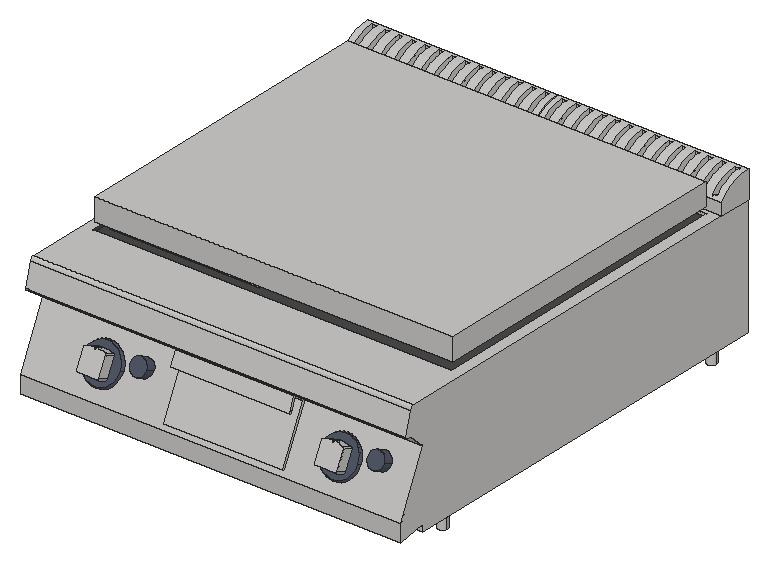
Revit family "QF_ZANUSSI_392023_Z9HOGH1000", category Specialty Equipment, Revit 2018 (continued)
Automatic sketch dimensions
  Extrusion 47 sketch curve to Extrusion 47 sketch curve = 1 mm  (x2)
  Extrusion 47 sketch curve to Extrusion 47 sketch curve = 15 mm
  plane 3 "LEFT" to Extrusion 48 sketch curve = 167.5 mm
  Extrusion 48 sketch curve to Extrusion 48 sketch curve = 35 mm  (x2)
  plane 3 "LEFT" to Blend 49 sketch curve = 150 mm  (x2)
  plane 3 "LEFT" to Extrusion 50 sketch curve = 173 mm
  Extrusion 50 sketch curve to Extrusion 50 sketch curve = 2.997 mm  (x3)
  Extrusion 50 sketch curve to Extrusion 50 sketch curve = 20.003 mm  (x2)
  Extrusion 50 sketch curve to Extrusion 50 sketch curve = 40.005 mm
  Extrusion 50 sketch curve to Extrusion 50 sketch curve = 0 mm  (x2)
  Extrusion 50 sketch curve to Extrusion 50 sketch curve = 40.037 mm
  Extrusion 50 sketch curve to Extrusion 50 sketch curve = 5.399 mm
  Extrusion 51 sketch curve to plane 7 "Center Y" = 166.05 mm
  Extrusion 52 sketch curve to plane 7 "Center Y" = 166.05 mm
  curve 130 to plane 3 "LEFT" = 0 mm
  curve 169 to plane 3 "LEFT" = 0 mm
  plane 3 "LEFT" to curve 162 = 127.809 mm
  curve 162 to curve 165 = 0.774 mm
  curve 162 to curve 163 = 1.846 mm
  curve 165 to curve 164 = 10.309 mm
  curve 162 to curve 166 = 21.322 mm
  curve 166 to curve 157 = 1.738 mm
  curve 164 to curve 155 = 22.215 mm
  plane 5 "FRONT" to curve 154 = 6.251 mm
  curve 154 to curve 156 = 1.071 mm
  curve 64 to curve 141 = 77.809 mm
  curve 141 to curve 144 = 0.774 mm
  curve 141 to curve 142 = 1.846 mm
  curve 144 to curve 143 = 10.309 mm
  curve 141 to curve 145 = 21.322 mm
  curve 145 to curve 136 = 1.738 mm
  curve 143 to curve 134 = 22.215 mm
  plane 5 "FRONT" to curve 133 = 6.251 mm
  curve 133 to curve 135 = 1.071 mm
  curve 133 to curve 132 = 1.846 mm
  curve 166 to curve 157 = 0 mm
  curve 145 to curve 136 = 0 mm
  curve 132 to curve 133 = 2.779 mm
  curve 162 to curve 163 = 2.779 mm
  curve 135 to plane 5 "FRONT" = 8.211 mm
  curve 164 to curve 155 = 0 mm
  curve 143 to curve 134 = 0 mm
  curve 164 to curve 165 = 11.392 mm
  curve 161 to curve 162 = 0.809 mm
  curve 169 to plane 5 "FRONT" = 0.317 mm
  curve 163 to curve 162 = 0.277 mm
  curve 165 to curve 165 = 0.284 mm
  curve 162 to curve 163 = 2.465 mm
  curve 165 to curve 160 = 20.701 mm
  curve 166 to curve 157 = 2 mm
  curve 154 to curve 153 = 2.189 mm
  curve 156 to curve 156 = 0.284 mm
  curve 153 to curve 153 = 0.277 mm
  curve 153 to curve 153 = 0.809 mm
  curve 157 to curve 155 = 1.299 mm
  curve 152 to curve 155 = 9.809 mm
  curve 155 to curve 168 = 34.796 mm
  curve 168 to curve 168 = 16.395 mm
  curve 168 to curve 168 = 1.605 mm
  curve 150 to curve 62 = 0 mm
  curve 151 to curve 64 = 0.05 mm
  curve 143 to curve 144 = 11.392 mm
  curve 141 to curve 141 = 0.809 mm
  curve 141 to curve 141 = 0.277 mm
  curve 144 to curve 144 = 0.284 mm
  curve 141 to curve 146 = 2.465 mm
  curve 144 to curve 145 = 20.417 mm
  curve 145 to curve 136 = 2 mm
  curve 133 to curve 132 = 2.189 mm
  curve 135 to curve 136 = 0.284 mm
  curve 132 to curve 132 = 0.277 mm
  curve 136 to curve 134 = 1.299 mm
  curve 148 to plane 5 "FRONT" = 0.317 mm
  curve 131 to curve 134 = 9.809 mm
  curve 134 to curve 149 = 34.796 mm
  curve 149 to curve 149 = 16.395 mm
  curve 149 to curve 149 = 1.605 mm
  curve 167 to curve 153 = 0.573 mm
  curve 146 to curve 141 = 0.573 mm
  curve 151 to plane 5 "FRONT" = 0.317 mm
  curve 165 to curve 165 = 0.567 mm
  curve 144 to curve 144 = 0.567 mm
  curve 156 to curve 156 = 0.567 mm
  curve 135 to curve 135 = 0.567 mm
  curve 159 to plane 5 "FRONT" = 9.646 mm
  curve 138 to plane 5 "FRONT" = 9.646 mm
  curve 145 to curve 143 = 1.156 mm
  curve 136 to curve 134 = 1.156 mm
  curve 157 to curve 155 = 1.156 mm
  curve 166 to curve 164 = 1.156 mm
  curve 134 to curve 131 = 4.292 mm
  curve 155 to curve 152 = 4.292 mm
  curve 136 to curve 137 = 3.441 mm
  curve 157 to curve 158 = 3.441 mm
  curve 164 to curve 161 = 4.292 mm
  curve 143 to curve 140 = 4.292 mm
  curve 168 to curve 168 = 3.305 mm
  curve 149 to curve 149 = 3.305 mm
  curve 5 to plane 3 "LEFT" = 0 mm
  plane 5 "FRONT" to curve 5 = 0 mm
  radius of Extrusion 2 sketch curve = 9.525 mm  (x4)
  radius of Extrusion 21 sketch curve = 12.7 mm
  radius of Extrusion 23 sketch curve = 6.4 mm
  radius of Split face 5 sketch curve = 2.031 mm
  radius of Split face 6 sketch curve = 3.497 mm
  radius of Split face 7 sketch curve = 3 mm
  radius of Split face 8 sketch curve = 1.5 mm
  radius of Split face 13 sketch curve = 2.031 mm
  radius of Split face 14 sketch curve = 3.497 mm
  radius of Split face 15 sketch curve = 3 mm
  radius of Split face 16 sketch curve = 1.5 mm
  radius of Blend 43 sketch curve = 42.5 mm
  radius of Blend 43 sketch curve = 40.5 mm
  radius of Extrusion 45 sketch curve = 18 mm
  radius of Extrusion 46 sketch curve = 15 mm
  radius of Blend 49 sketch curve = 42.5 mm
  radius of Blend 49 sketch curve = 40.5 mm
  radius of Extrusion 51 sketch curve = 18 mm
  radius of Extrusion 52 sketch curve = 15 mm
Connectors
  piping at (748, -648, 5), diameter 12.8
    settings: on Extrusion 23, index 2, connector inside diameter 0.50394", connector length 0 mm, flow factor 0, pipe flow 0 GPM, pressure drop 0.00 psi, fitting loss kfactor 0, connector angle 0.00°, fixture units 0, engagement length 0 mm, angle of deflection 0.00°, flow configuration 1, flow direction 1, fitting loss method 0, system type 7, joint type 0, gender type 0, connector reference index -1, connector utility 0, adjustable connector no, is connector primary yes, connector description ""
